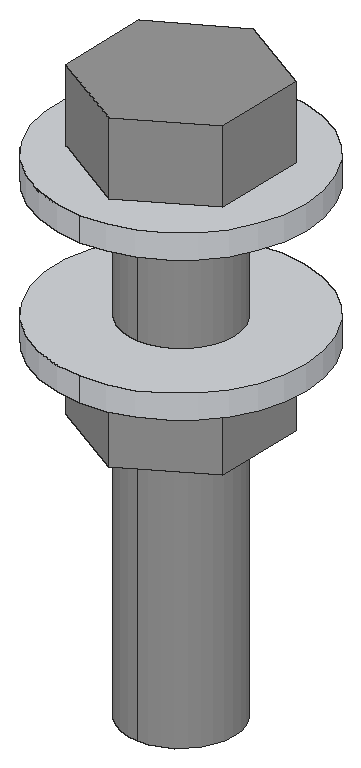
Revit family "060523 - W_P_C - Fastenings - Generic", category Structural Connections, Revit 2020
Family settings
  Material for Model Behavior = Other
  Work Plane-Based = Yes
  Enable cutting in views = Yes
  Always vertical = No
  Cut with Voids When Loaded = No
  Shared = No
Parameters (values of type "Thru-Bolt - .8750 - 7/8")
  Washer_Thickness = Head Height / 3  # 0.20182"
  Washer Radius = Radius + Head Height  # 1.05273"
  Washer Offset - Head = if(Washer_Head_Visibility, Washer_Thickness, 0.000")  # 0.20182"
  Washer Offset = if(Washer_Nut_Visibility, Washer_Thickness, 0.000")  # 0.20182"
  Washer Material = none
  Washer_Nut_Visibility = yes
  Washer_Head_Visibility = yes
  Thickness_of_Substrate [instance] = 1.000"
  Side = Head Size * 0.57812  # 0.75879"
  Round_Head_Visibility = no
  Radius = Diameter / 2  # 0.44727"
  Point Visibility = no
  Nut_Visibility = yes
  Length [instance] = 4.000"
  Hex_Head_Visiblilty = yes
  Head Size = 1.3125"
  Head Radius = Head Size / 2  # 0.65625"
  Head Height = 0.60547"
  Double Diameter = Diameter * 2  # 1.78906"
  Diameter = 0.89453"
  Default Elevation = 48.000"
  Bolt Material (Size) = AT SILL - FASTENER AT 24" O.C.
Types (42): name | Washer_Thickness | Washer Radius | Washer Offset - Head | Washer Offset | Washer_Nut_Visibility | Washer_Head_Visibility | Side | Round_Head_Visibility | Radius | Point Visibility | Nut_Visibility | Length | Hex_Head_Visiblilty | Head Size | Head Radius | Head Height | Double Diameter | Diameter
  Lag - .1900 - #10 | 0.04688" | 0.24023" | 0.000" | 0.000" | no | no | 0.1626" | no | 0.09961" | yes | no | 4.000" | yes | 0.28125" | 0.14063" | 0.14063" | 0.39844" | 0.19922"
  Lag - .2500 - 1/4 | 0.0625" | 0.3175" | 0.000" | 0.000" | no | no | 0.25293" | no | 0.130" | yes | no | 4.000" | yes | 0.4375" | 0.21875" | 0.1875" | 0.520" | 0.260"
  Lag - .3125 - 5/16 | 0.07813" | 0.39638" | 0.000" | 0.000" | no | no | 0.28906" | no | 0.162" | yes | no | 4.000" | yes | 0.500" | 0.250" | 0.23438" | 0.648" | 0.324"
  Lag - .3750 - 3/8 | 0.08933" | 0.46136" | 0.000" | 0.000" | no | no | 0.3252" | no | 0.19336" | yes | no | 4.000" | yes | 0.5625" | 0.28125" | 0.268" | 0.77344" | 0.38672"
  Lag - .4375 - 7/16 | 0.10547" | 0.54297" | 0.000" | 0.000" | no | no | 0.36133" | no | 0.22656" | yes | no | 4.000" | yes | 0.625" | 0.3125" | 0.31641" | 0.90625" | 0.45313"
  Lag - .5000 - 1/2 | 0.12109" | 0.62109" | 0.000" | 0.000" | no | no | 0.43359" | no | 0.25781" | yes | no | 4.000" | yes | 0.750" | 0.375" | 0.36328" | 1.03125" | 0.51563"
  Lag - .6250 - 5/8 | 0.14844" | 0.76563" | 0.000" | 0.000" | no | no | 0.54199" | no | 0.32031" | yes | no | 4.000" | yes | 0.9375" | 0.46875" | 0.44531" | 1.28125" | 0.64062"
  Lag - .7500 - 3/4 | 0.17448" | 0.9082" | 0.000" | 0.000" | no | no | 0.65039" | no | 0.38477" | yes | no | 4.000" | yes | 1.125" | 0.5625" | 0.52344" | 1.53906" | 0.76953"
  Lag - .8750 - 7/8 | 0.20182" | 1.05273" | 0.000" | 0.000" | no | no | 0.75879" | no | 0.44727" | yes | no | 4.000" | yes | 1.3125" | 0.65625" | 0.60547" | 1.78906" | 0.89453"
  Thru-Bolt - .1900 - #10 | 0.04688" | 0.24023" | 0.04688" | 0.04688" | yes | yes | 0.1626" | no | 0.09961" | no | yes | 4.000" | yes | 0.28125" | 0.14063" | 0.14063" | 0.39844" | 0.19922"
  Thru-Bolt - .2500 - 1/4 | 0.0625" | 0.3175" | 0.0625" | 0.0625" | yes | yes | 0.25293" | no | 0.130" | no | yes | 4.000" | yes | 0.4375" | 0.21875" | 0.1875" | 0.520" | 0.260"
  Thru-Bolt - .3125 - 5/16 | 0.07813" | 0.39638" | 0.07813" | 0.07813" | yes | yes | 0.28906" | no | 0.162" | no | yes | 4.000" | yes | 0.500" | 0.250" | 0.23438" | 0.648" | 0.324"
  Thru-Bolt - .3750 - 3/8 | 0.08933" | 0.46136" | 0.08933" | 0.08933" | yes | yes | 0.3252" | no | 0.19336" | no | yes | 4.000" | yes | 0.5625" | 0.28125" | 0.268" | 0.77344" | 0.38672"
  Thru-Bolt - .4375 - 7/16 | 0.10547" | 0.54297" | 0.10547" | 0.10547" | yes | yes | 0.36133" | no | 0.22656" | no | yes | 4.000" | yes | 0.625" | 0.3125" | 0.31641" | 0.90625" | 0.45313"
  Thru-Bolt - .5000 - 1/2 | 0.12109" | 0.62109" | 0.12109" | 0.12109" | yes | yes | 0.43359" | no | 0.25781" | no | yes | 4.000" | yes | 0.750" | 0.375" | 0.36328" | 1.03125" | 0.51563"
  Thru-Bolt - .6250 - 5/8 | 0.14844" | 0.76563" | 0.14844" | 0.14844" | yes | yes | 0.54199" | no | 0.32031" | no | yes | 4.000" | yes | 0.9375" | 0.46875" | 0.44531" | 1.28125" | 0.64062"
  Thru-Bolt - .7500 - 3/4 | 0.17448" | 0.9082" | 0.17448" | 0.17448" | yes | yes | 0.65039" | no | 0.38477" | no | yes | 4.000" | yes | 1.125" | 0.5625" | 0.52344" | 1.53906" | 0.76953"
  Thru-Bolt - .8750 - 7/8 | 0.20182" | 1.05273" | 0.20182" | 0.20182" | yes | yes | 0.75879" | no | 0.44727" | no | yes | 4.000" | yes | 1.3125" | 0.65625" | 0.60547" | 1.78906" | 0.89453"
  Screw - .103 - #3 | 0.00333" | 0.0615" | 0.000" | 0.000" | no | no | 0.57812" | yes | 0.0515" | yes | no | 4.000" | no | 1.000" | 0.500" | 0.010" | 0.206" | 0.103"
  Screw - .116 - #4 | 0.00333" | 0.068" | 0.000" | 0.000" | no | no | 0.57812" | yes | 0.058" | yes | no | 4.000" | no | 1.000" | 0.500" | 0.010" | 0.232" | 0.116"
  Screw - .129 - #5 | 0.00333" | 0.0745" | 0.000" | 0.000" | no | no | 0.57812" | yes | 0.0645" | yes | no | 4.000" | no | 1.000" | 0.500" | 0.010" | 0.258" | 0.129"
  Screw - .142 - #6 | 0.00333" | 0.081" | 0.000" | 0.000" | no | no | 0.57812" | yes | 0.071" | yes | no | 4.000" | no | 1.000" | 0.500" | 0.010" | 0.284" | 0.142"
  Screw - .155 - #7 | 0.00333" | 0.0875" | 0.000" | 0.000" | no | no | 0.57812" | yes | 0.0775" | yes | no | 4.000" | no | 1.000" | 0.500" | 0.010" | 0.310" | 0.155"
  Screw - .168 - #8 | 0.00333" | 0.094" | 0.000" | 0.000" | no | no | 0.57812" | yes | 0.084" | yes | no | 4.000" | no | 1.000" | 0.500" | 0.010" | 0.336" | 0.168"
  Screw - .181 - #9 | 0.00333" | 0.1005" | 0.000" | 0.000" | no | no | 0.57812" | yes | 0.0905" | yes | no | 4.000" | no | 1.000" | 0.500" | 0.010" | 0.362" | 0.181"
  Screw - .194 - #10 | 0.00333" | 0.107" | 0.000" | 0.000" | no | no | 0.57812" | yes | 0.097" | yes | no | 4.000" | no | 1.000" | 0.500" | 0.010" | 0.388" | 0.194"
  Screw - .220 - #12 | 0.00333" | 0.120" | 0.000" | 0.000" | no | no | 0.57812" | yes | 0.110" | yes | no | 4.000" | no | 1.000" | 0.500" | 0.010" | 0.440" | 0.220"
  Screw - .246 - #14 | 0.00333" | 0.133" | 0.000" | 0.000" | no | no | 0.57812" | yes | 0.123" | yes | no | 4.000" | no | 1.000" | 0.500" | 0.010" | 0.492" | 0.246"
  Screw - .272 - #16 | 0.00333" | 0.146" | 0.000" | 0.000" | no | no | 0.57812" | yes | 0.136" | yes | no | 4.000" | no | 1.000" | 0.500" | 0.010" | 0.544" | 0.272"
  Nail - 02d - 15ga - 1" | 0.00333" | 0.046" | 0.000" | 0.000" | no | no | 0.57812" | yes | 0.036" | yes | no | 1.000" | no | 1.000" | 0.500" | 0.010" | 0.144" | 0.072"
  Nail - 03d - 14ga - 1.25" | 0.00333" | 0.0515" | 0.000" | 0.000" | no | no | 0.57812" | yes | 0.0415" | yes | no | 1.250" | no | 1.000" | 0.500" | 0.010" | 0.166" | 0.083"
  Nail - 04d - 12ga- 1.5" | 0.00333" | 0.0645" | 0.000" | 0.000" | no | no | 0.57812" | yes | 0.0545" | yes | no | 1.500" | no | 1.000" | 0.500" | 0.010" | 0.218" | 0.109"
  Nail - 05d - 12ga - 1.75" | 0.00333" | 0.0645" | 0.000" | 0.000" | no | no | 0.57812" | yes | 0.0545" | yes | no | 1.750" | no | 1.000" | 0.500" | 0.010" | 0.218" | 0.109"
  Nail - 06d - 11ga - 2" | 0.00333" | 0.070" | 0.000" | 0.000" | no | no | 0.57812" | yes | 0.060" | yes | no | 2.000" | no | 1.000" | 0.500" | 0.010" | 0.240" | 0.120"
  Nail - 08d - 10ga - 2.5" | 0.00333" | 0.077" | 0.000" | 0.000" | no | no | 0.57812" | yes | 0.067" | yes | no | 2.500" | no | 1.000" | 0.500" | 0.010" | 0.268" | 0.134"
  Nail - 10d - 9ga - 3" | 0.00333" | 0.084" | 0.000" | 0.000" | no | no | 0.57812" | yes | 0.074" | yes | no | 3.000" | no | 1.000" | 0.500" | 0.010" | 0.296" | 0.148"
  Nail - 12d - 9ga - 3.25" | 0.00333" | 0.084" | 0.000" | 0.000" | no | no | 0.57812" | yes | 0.074" | yes | no | 3.250" | no | 1.000" | 0.500" | 0.010" | 0.296" | 0.148"
  Nail - 16d - 8ga - 3.5" | 0.00333" | 0.0925" | 0.000" | 0.000" | no | no | 0.57812" | yes | 0.0825" | yes | no | 3.500" | no | 1.000" | 0.500" | 0.010" | 0.330" | 0.165"
  Nail - 20d - 6ga - 4" | 0.00333" | 0.1115" | 0.000" | 0.000" | no | no | 0.57812" | yes | 0.1015" | yes | no | 4.000" | no | 1.000" | 0.500" | 0.010" | 0.406" | 0.203"
  Nail - 30d - 5ga - 4.5" | 0.00333" | 0.120" | 0.000" | 0.000" | no | no | 0.57812" | yes | 0.110" | yes | no | 4.500" | no | 1.000" | 0.500" | 0.010" | 0.440" | 0.220"
  Nail - 40d - 4ga - 5" | 0.00333" | 0.129" | 0.000" | 0.000" | no | no | 0.57812" | yes | 0.119" | yes | no | 5.000" | no | 1.000" | 0.500" | 0.010" | 0.476" | 0.238"
  Nail - 60d - 4ga - 6" | 0.00333" | 0.129" | 0.000" | 0.000" | no | no | 0.57812" | yes | 0.119" | yes | no | 6.000" | no | 1.000" | 0.500" | 0.010" | 0.476" | 0.238"
Reference planes (in)
  plane 1 "Center (Front/Back)": y = 0
  plane 2: z = 0
  plane 3 "Center (Left/Right)": x = 0
  plane 4: z = 0.80729
  plane 5 "end": z = -4
  plane 6: y = 0
  plane 7: x = 0
  plane 8: z = -1
  plane 9: z = 0.20182
  plane 10: z = -1.20182
  plane 11: z = 0
  plane 12: through (0, 0, 48) normal (0.866, 0.5, 0)
  plane 13: through (0, 0, 48) normal (0.866, -0.5, 0)
  plane 14: through (0, 0, 48) normal (0.5, -0.866, 0)
  plane 15: through (0, 0, 48) normal (-0.5, -0.866, 0)
  plane 16 "top of rounded head": z = 0.64909
Forms (in)
  Extrusion 1, solid, material "AT SILL - FASTENER AT 24" O.C." <- "Bolt Material (Size)"
    sketch origin (0, 8.71147, 0.20182) x (0, 1, 0) y (-1, 0, 0)
      loop
        circle (-8.71147, 0) r 0.44727
    from -4.20182 to 0
Lines and regions (in)
  model lines, style "InvisibleLines"
    curve 1: line (0, -0.64952, 0.80729) -> (0, 0.64952, 0.80729)
    curve 2: line (0.65625, 0, 0.80729) -> (-0.65625, 0, 0.80729)
  symbolic lines, style "InvisibleLines"
    curve 3: line (0, 0, 0.80729) -> (0, 0, -4)
    curve 4: line (0, 0, 0.80729) -> (0, 0, -4)
Dimensions and locks (in)
  "Head Height": plane 4 to plane 9
  "Length": plane 11 to plane 5 "end"
  "Thickness_of_Substrate": plane 2 to plane 8
  "Washer Offset": plane 8 to plane 10
  "Washer Offset - Head": plane 9 to plane 2
  "Radius": plane 16 "top of rounded head" to plane 9
  "Radius": radius of Extrusion 1 sketch curve
  aligned and locked: plane 2 to level
  aligned and locked: Extrusion 1 to plane 5 "end"
  aligned and locked: plane 7 to curve 1
  aligned and locked: curve 2 to plane 6
  aligned and locked: plane 6 to curve 4
  aligned and locked: plane 11 to level
  aligned and locked: nested 5 to nested 3
Automatic sketch dimensions
  curve 3 to plane 3 "Center (Left/Right)" = 0.000"
  curve 3 to plane 5 "end" = 0.000"
  curve 3 to plane 4 = 0.000"
  curve 4 to plane 5 "end" = 0.000"
  curve 4 to plane 4 = 0.000"
  curve 1 to curve 2 = 0.64952"
  curve 2 to curve 1 = 0.64952"
  curve 2 to nested 1 = 0.000"  (x2)
  plane 1 "Center (Front/Back)" to Extrusion 1 sketch curve = 0.000"
  Extrusion 1 sketch curve to plane 3 "Center (Left/Right)" = 0.000"
Nested families (in)
  nested 1: "Nut" at (0, 0, 0.20182), Diameter <- "Diameter", Head Height <- "Head Height", Head Size <- "Head Size", visible <- "Hex_Head_Visiblilty", type "one"
    with Side 0.75879", Radius 0.44727", Head Size 1.3125", Head Radius 0.65625", Head Height 0.60547", Diameter 0.89453"
  nested 2: "Nut" at (0, 0, -1.20182) x (1, 0, 0) z (0, 0, -1), Diameter <- "Diameter", Head Height <- "Head Height", Head Size <- "Head Size", visible <- "Nut_Visibility", type "one"
    with Side 0.75879", Radius 0.44727", Head Size 1.3125", Head Radius 0.65625", Head Height 0.60547", Diameter 0.89453"
  nested 3: "Washer" at (0, 0, -1) x (0, -1, 0) z (0, 0, -1), visible <- "Washer_Nut_Visibility", type "one"
    with Washer_Thickness 0.20182", Washer Radius 1.05273"
  nested 4: "Washer" at (0, 0, 0) x (0, -1, 0) z (0, 0, 1), visible <- "Washer_Head_Visibility", type "one"
    with Washer_Thickness 0.20182", Washer Radius 1.05273"
  nested 5: "Bolt Head" at (0, 0, 0.20182) x (0, -1, 0) z (0, 0, 1), Diameter <- "Diameter", Head Size <- "Double Diameter", visible <- "Round_Head_Visibility", type "one"
    with Side 1.0343", Radius 0.44727", Head Size 1.78906", Head Radius 0.89453", Head Height 0.750", Half Radius 0.44727", Diameter 0.89453"
  nested 6: "Point" at (0, 0, -4) x (0, 1, 0) z (0, 0, -1), Diameter <- "Diameter", Head Size <- "Diameter", visible <- "Point Visibility", type "one"
    with Side 0.51715", Radius 0.44727", Point Height 0.89453", Head Size 0.89453", Head Radius 0.44727", Head Height 0.750", Diameter 0.89453"
Definition of nested family "Nut"
  Parameters (values of type "one")
    Side [instance] = Head Size * 0.57812  # 0.43359"
    Radius [instance] = Diameter / 2  # 0.250"
    Head Size [instance] = 0.750"
    Head Radius [instance] = Head Size / 2  # 0.375"
    Head Height [instance] = 0.34375"
    Diameter [instance] = 0.500"
    Default Elevation = 48.000"
    Bolt Material (Size) = none
  Reference planes (in)
    plane 1 "Center (Front/Back)": y = 0
    plane 2: z = 0
    plane 3 "Center (Left/Right)": x = 0
    plane 4: z = 0.34375
    plane 5: y = 0
    plane 6: x = 0
  Forms (in)
    Extrusion 1, solid, material <- "Bolt Material (Size)"
      sketch origin (0, 0, 0) x (1, 0, 0) y (0, 1, 0)
        loop
          line (0, 0.43301) -> (-0.375, 0.21651) -> (-0.375, -0.21651) -> (0, -0.43301) -> (0.375, -0.21651) -> (0.375, 0.21651) -> (0, 0.43301)
      from 0 to 0.34375
  Lines and regions (in)
    symbolic lines
      curve 1: line (0, 0, 0.34375) -> (0, 0, -3)
  Dimensions and locks (in)
    "Head Height": plane 4 to level
    "Head Radius": Extrusion 1 sketch curve to plane 3 "Center (Left/Right)"
    "Head Radius": Extrusion 1 sketch curve to plane 6
    "Head Radius": Extrusion 1 sketch curve to plane 5  (x2)
    locked: Extrusion 1 sketch curve to Extrusion 1 sketch curve (angle 120.00°)  (x5)
    aligned and locked: level to plane 2
    aligned and locked: Extrusion 1 to plane 4
    aligned and locked: plane 5 to curve 1
  Automatic sketch dimensions
    curve 1 to plane 4 = 0.000"
    curve 1 to level = 3.000"
    Extrusion 1 sketch curve to plane 3 "Center (Left/Right)" = 0.000"  (x2)
Definition of nested family "Washer"
  Parameters (values of type "one")
    Washer_Thickness = 0.125"
    Washer Radius = 0.29688"
    Default Elevation = 48.000"
    Washer Material = none
  Reference planes (in)
    plane 1 "Center (Front/Back)": y = 0
    plane 2: z = 0
    plane 3 "Center (Left/Right)": x = 0
    plane 4: z = 0.125
    plane 5: y = 0
    plane 6: x = 0
  Forms (in)
    Extrusion 1, solid, material <- "Washer Material"
      sketch origin (0, 0, 0) x (1, 0, 0) y (0, 1, 0)
        loop
          circle (0, 0) r 0.29688
      from 0 to 0.125
  Lines and regions (in)
    symbolic lines
      curve 1: line (0, 0, 0.125) -> (0, 0, -3)
  Dimensions and locks (in)
    "Washer_Thickness": plane 2 to plane 4
    "Washer Radius": radius of Extrusion 1 sketch curve
    aligned and locked: level to plane 2
    aligned and locked: Extrusion 1 to plane 4
    aligned and locked: plane 5 to curve 1
  Automatic sketch dimensions
    curve 1 to plane 4 = 0.000"
    curve 1 to level = 3.000"
    plane 1 "Center (Front/Back)" to Extrusion 1 sketch curve = 0.000"
    Extrusion 1 sketch curve to plane 3 "Center (Left/Right)" = 0.000"
Definition of nested family "Bolt Head"
  Parameters (values of type "one")
    Side [instance] = Head Size * 0.57812  # 0.9128"
    Radius [instance] = Diameter / 2  # 0.250"
    Head Size [instance] = 1.5789"
    Head Radius [instance] = Head Size / 2  # 0.78945"
    Head Height [instance] = 0.750"
    Half Radius [instance] = Head Radius / 2  # 0.39472"
    Diameter [instance] = 0.500"
    Default Elevation = 48.000"
    Bolt Material (Size) = none
  Reference planes (in)
    plane 1 "Center (Front/Back)": y = 0
    plane 2: z = 0
    plane 3 "Center (Left/Right)": x = 0
    plane 4: y = 0
    plane 5: x = 0
    plane 6: x = 0.78945
    plane 7: z = 0.39472
  Forms (in)
    Revolve 1, solid, material <- "Bolt Material (Size)"
      sketch origin (0, 0, 0) x (1, 0, 0) y (0, 0, 1)
        loop
          line (0, 0.39472) -> (0, 0) -> (0.78945, 0)
          arc (0.78945, 0) -> (0.4761, 0.28968) -> (0.0625, 0.39472) r 0.86676
          line (0.0625, 0.39472) -> (0, 0.39472)
        axis (0, 0) -> (0, 0.39472)
      angle from 0 to 360
  Lines and regions (in)
    symbolic lines
      curve 1: line (0, 0, 0.75) -> (0, 0, -3)
  Dimensions and locks (in)
    "Head Radius": plane 6 to plane 5
    locked: Revolve 1 sketch curve to plane 5 at 0.0625
    "Half Radius": plane 2 to plane 7
    aligned and locked: level to plane 2
    aligned and locked: plane 4 to curve 1
    aligned and locked: plane 7 to Revolve 1 sketch curve
  Automatic sketch dimensions
    curve 1 to level = 3.000"
    plane 7 to curve 1 = 0.35528"
    Revolve 1 sketch curve to plane 3 "Center (Left/Right)" = 0.000"  (x2)
    Revolve 1 sketch curve to level = 0.000"
    plane 6 to Revolve 1 sketch curve = 0.000"
    level to Revolve 1 sketch curve = 0.05843"
    plane 7 to Revolve 1 sketch curve = 0.51153"
Definition of nested family "Point"
  Parameters (values of type "one")
    Side [instance] = Head Size * 0.57812  # 0.9128"
    Radius [instance] = Diameter / 2  # 0.250"
    Head Size [instance] = 1.5789"
    Head Radius [instance] = Head Size / 2  # 0.78945"
    Head Height [instance] = 0.750"
    Point Height [instance] = Head Radius * 2  # 1.5789"
    Diameter [instance] = 0.500"
    Default Elevation = 48.000"
    Point Material (Size) = none
  Reference planes (in)
    plane 1 "Center (Front/Back)": y = 0
    plane 2: z = 0
    plane 3 "Center (Left/Right)": x = 0
    plane 4: y = 0
    plane 5: x = 0
    plane 6: x = 0.78945
    plane 7: z = 1.5789
  Forms (in)
    Revolve 1, solid, material <- "Point Material (Size)"
      sketch origin (0, 0, 0) x (1, 0, 0) y (0, 0, 1)
        loop
          line (0, 1.5789) -> (0, 0) -> (0.78945, 0) -> (0, 1.5789)
        axis (0, 0) -> (0, 1.5789)
      angle from 0 to 360
  Lines and regions (in)
    symbolic lines
      curve 1: line (0, 0, 1.93417) -> (0, 0, -3)
  Dimensions and locks (in)
    "Head Radius": plane 6 to plane 5
    "Point Height": plane 2 to plane 7
    aligned and locked: level to plane 2
    aligned and locked: plane 4 to curve 1
  Automatic sketch dimensions
    curve 1 to level = 3.000"
    plane 7 to curve 1 = 0.35528"
    Revolve 1 sketch curve to plane 3 "Center (Left/Right)" = 0.000"  (x2)
    Revolve 1 sketch curve to level = 0.000"
    plane 6 to Revolve 1 sketch curve = 0.000"
    level to Revolve 1 sketch curve = 0.05843"
    plane 7 to Revolve 1 sketch curve = 0.51153"
    Revolve 1 sketch curve to plane 7 = 0.000"
